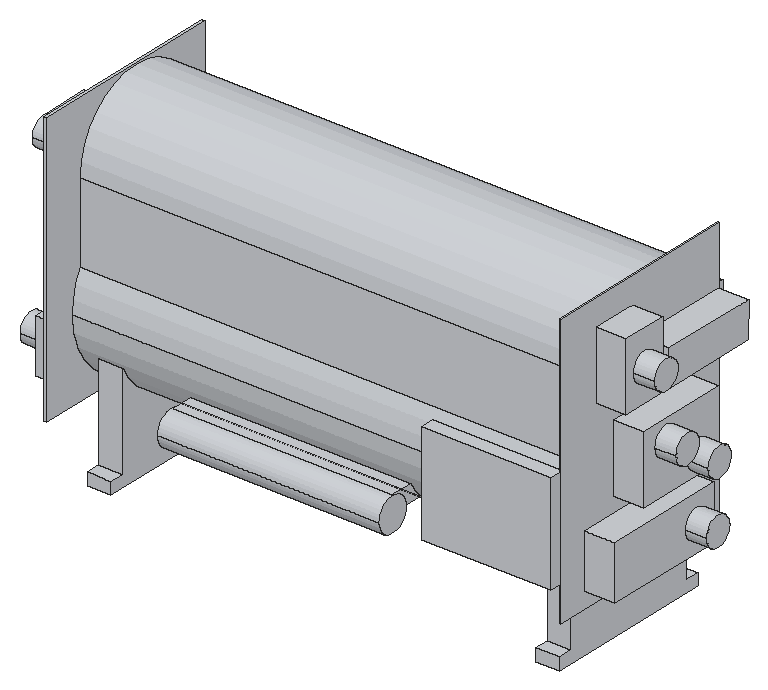
Revit family "884cb475a28b463c9c5d568ecc71ef5b", category Mechanical Equipment, Revit 2021
Family settings
  Round Connector Dimension = Use Radius
  Part Type = Normal
  OmniClass Number = 23.75.10.24.21.21.11
  OmniClass Title = Absorption Water Chillers
  Seek Item ID = Absorption Chiller - Single Stage - 975-1350 Tons-0000-USA-ENU
  Work Plane-Based = No
  Always vertical = Yes
  Cut with Voids When Loaded = No
  Shared = No
  Room Calculation Point = No
Parameters (values of type "975 Tons")
  Voltage = 480 V
  Number of Poles = 3
  Load Classification = Cooling
  Length 1 = 17' - 3"
  Default Elevation = 0' - 0"
  Chilled Water Radius = Chilled Water Diameter / 2  # 6"
  Chilled Water Diameter = 12"
  Chilled Water Flow [instance] = 2387 GPM
  Energy Source Pressure Drop [instance] = 14.08 psi
  Cooliing Water Pressure Drop [instance] = 14.08 psi
  Cooling Water Radius = Cooling Water Diameter / 2  # 6"
  Cooling Water Diameter = 12"
  Cooling Water Flow [instance] = 3510 GPM
  Chiller Material = none
  Chiller Length = 21' - 8"
  Chilled Water Pressure Drop [instance] = 7.90 psi
  Apparent Load = 13000 VA
  Energy Source Radius = Energy Source Diameter / 2  # 6"
  Energy Source Diameter = 12"
  Energy Source Flow [instance] = 3510 GPM
Types (5): name | Length 1 | Chilled Water Flow | Energy Source Pressure Drop | Cooliing Water Pressure Drop | Cooling Water Flow | Chiller Length | Chilled Water Pressure Drop | Apparent Load | Energy Source Flow
  (no name) | 17' - 3" | 2387 GPM | 14.08 psi | 14.08 psi | 3510 GPM | 21' - 8" | 7.90 psi | 13000 VA | 3510 GPM
  975 Tons | 17' - 3" | 2387 GPM | 14.08 psi | 14.08 psi | 3510 GPM | 21' - 8" | 7.90 psi | 13000 VA | 3510 GPM
  1100 Tons | 19' - 3" | 2643 GPM | 8.45 psi | 8.45 psi | 3960 GPM | 23' - 8" | 10.34 psi | 14900 VA | 3960 GPM
  1225 Tons | 21' - 3" | 2960 GPM | 10.80 psi | 10.80 psi | 4410 GPM | 25' - 8" | 13.74 psi | 14900 VA | 4410 GPM
  1350 Tons | 23' - 3" | 3279 GPM | 1.53 psi | 1.53 psi | 4860 GPM | 27' - 8" | 17.74 psi | 14900 VA | 4860 GPM
Reference planes (in)
  plane 1 "Center (Front/Back)": y = 0
  plane 2: z = 0
  plane 3 "Center (Left/Right)": x = 0
  plane 4: x = 9.5
  plane 5: x = 8.75
  plane 6: z = 25.625
  plane 7: y = -11
  plane 8: y = 71.5
  plane 9: z = 139.5
  plane 10: x = 31.375
  plane 11: x = -228.625
  plane 12: x = -206.75
  plane 13: x = -205.625
  plane 14: y = 36
  plane 15: z = 60
  plane 16: y = 6.3125
  plane 17: y = 65.6875
  plane 18: z = 109.5
  plane 19: z = 32.6875
  plane 20: z = 55.3125
  plane 21: y = 52.625
  plane 22: y = 1
  plane 23: x = 22.25
  plane 24: x = -219.5
  plane 25: z = 90.125
  plane 26: z = 61.5
  plane 27: y = 16.125
  plane 28: y = 55.375
  plane 29: z = 115.6875
  plane 30: z = 128.8125
  plane 31: z = 100.5625
  plane 32: y = 16.4375
  plane 33: y = 6.875
  plane 34: y = 26
  plane 35: y = 29.375
  plane 36: y = 70.75
  plane 37: z = 114.5625
  plane 38: z = 81.875
  plane 39: y = 27.625
  plane 40: y = 44.375
  plane 41: z = 69.75
  plane 42: y = 43.5
  plane 43: z = 44
  plane 44: y = 10.125
  plane 45: y = 72
  plane 46: z = 5
  plane 47: y = 6
  plane 48: y = 66
  plane 49: x = -9.875
  plane 50: x = -197.25
  plane 51: x = -187.375
  plane 52: z = 40
  plane 53: z = 82
  plane 54: x = -45.25
  plane 55: y = -15.5
  plane 56: y = -9.4375
  plane 57: x = -13.375
  plane 58: z = 40.5
  plane 59: z = 98.5
  plane 60: z = 114.1875
  plane 61: x = -28.75
  plane 62: x = 5.875
  plane 63: y = 77.875
  plane 64: x = -24.1875
  plane 65: x = -197.5
  plane 66: z = 32.1875
  plane 67: z = 37.1875
  plane 68: x = -29.1875
  plane 69: x = -192.5
  plane 70: y = 73.0625
  plane 71: z = 99.5625
  plane 72: z = 94.5625
  plane 73: y = 68.0625
  plane 74: x = -186.875
  plane 75: x = -164.375
  plane 76: z = 2.5625
  plane 77: z = 36.5625
  plane 78: y = 63.625
  plane 79: z = 36.25
  plane 80: y = -3.125
  plane 81: x = -67.25
  plane 82: x = -159.8125
  plane 83: z = 43.25
  plane 84: x = -159.3125
  plane 85: x = -67.75
  plane 86: x = -18.25
  plane 87: z = 46
Forms (in)
  Extrusion 1, solid, material <- "Chiller Material"
    sketch origin (0, 0, 0) x (0, 1, 0) y (0, 0, 1)
      loop
        line (-11, 139.5) -> (-11, 25.625) -> (71.5, 25.625) -> (71.5, 139.5) -> (-11, 139.5)
    from 8.75 to 9.5
  Extrusion 2, solid, material <- "Chiller Material"
    sketch origin (0, 0, 0) x (0, 1, 0) y (0, 0, 1)
      loop
        line (-11, 139.5) -> (-11, 25.625) -> (71.5, 25.625) -> (71.5, 139.5) -> (-11, 139.5)
    from -206.75 to -205.625
  Extrusion 3, solid, material <- "Chiller Material"
    sketch origin (0, 0, 0) x (0, 1, 0) y (0, 0, 1)
      loop
        circle (36, 60) r 33.71875
    from -205.625 to 8.75
  Extrusion 4, solid, material <- "Chiller Material"
    sketch origin (0, 0, 0) x (0, 1, 0) y (0, 0, 1)
      loop
        arc (65.6875, 109.5) -> (36, 139.1875) -> (6.3125, 109.5) r 29.6875
        line (6.3125, 109.5) -> (6.3125, 60) -> (65.6875, 60) -> (65.6875, 109.5)
    from 8.75 to -205.625
  Extrusion 5, solid, material <- "Chiller Material"
    sketch origin (0, 0, 0) x (0, 1, 0) y (0, 0, 1)
      loop
        line (1, 55.3125) -> (1, 32.6875) -> (52.625, 32.6875) -> (52.625, 55.3125) -> (1, 55.3125)
    from 9.5 to 22.25
  Extrusion 6, solid, material <- "Chiller Material"
    sketch origin (0, 0, 0) x (0, 1, 0) y (0, 0, 1)
      loop
        line (1, 55.3125) -> (1, 32.6875) -> (52.625, 32.6875) -> (52.625, 55.3125) -> (1, 55.3125)
    from -219.5 to -206.75
  Extrusion 7, solid, material <- "Chiller Material"
    sketch origin (0, 0, 0) x (0, 1, 0) y (0, 0, 1)
      loop
        line (16.125, 90.125) -> (16.125, 61.5) -> (55.375, 61.5) -> (55.375, 90.125) -> (16.125, 90.125)
    from 9.5 to 22.25
  Extrusion 8, solid, material <- "Chiller Material"
    sketch origin (0, 0, 0) x (0, 1, 0) y (0, 0, 1)
      loop
        line (16.125, 90.125) -> (16.125, 61.5) -> (55.375, 61.5) -> (55.375, 90.125) -> (16.125, 90.125)
    from -206.75 to -219.5
  Extrusion 9, solid, material <- "Chiller Material"
    sketch origin (0, 0, 0) x (0, 1, 0) y (0, 0, 1)
      loop
        line (6.875, 128.8125) -> (6.875, 100.5625) -> (26, 100.5625) -> (26, 128.8125) -> (6.875, 128.8125)
    from 9.5 to 22.25
  Extrusion 10, solid, material <- "Chiller Material"
    sketch origin (0, 0, 0) x (0, 1, 0) y (0, 0, 1)
      loop
        line (6.875, 128.8125) -> (6.875, 100.5625) -> (26, 100.5625) -> (26, 128.8125) -> (6.875, 128.8125)
    from -219.5 to -206.75
  Extrusion 11, solid, material <- "Chiller Material"
    sketch origin (0, 0, 0) x (0, 1, 0) y (0, 0, 1)
      loop
        line (29.375, 115.6875) -> (29.375, 100.5625) -> (70.75, 100.5625) -> (70.75, 115.6875) -> (29.375, 115.6875)
    from 9.5 to 22.25
  Extrusion 12, solid, material <- "Chiller Material"
    sketch origin (0, 0, 0) x (0, 1, 0) y (0, 0, 1)
      loop
        line (29.375, 115.6875) -> (29.375, 100.5625) -> (70.75, 100.5625) -> (70.75, 115.6875) -> (29.375, 115.6875)
    from -219.5 to -206.75
  Extrusion 13, solid, material <- "Chiller Material"
    sketch origin (0, 0, 0) x (0, 1, 0) y (0, 0, 1)
      loop
        circle (16.4375, 114.5625) r 6
    from 22.25 to 31.375
  Extrusion 14, solid, material <- "Chiller Material"
    sketch origin (0, 0, 0) x (0, 1, 0) y (0, 0, 1)
      loop
        circle (27.625, 81.875) r 6
      loop
        circle (44.375, 69.75) r 6
    from 22.25 to 31.375
  Extrusion 15, solid, material <- "Chiller Material"
    sketch origin (0, 0, 0) x (0, 1, 0) y (0, 0, 1)
      loop
        circle (43.5, 44) r 6
    from 22.25 to 31.375
  Extrusion 16, solid, material <- "Chiller Material"
    sketch origin (0, 0, 0) x (0, 1, 0) y (0, 0, 1)
      loop
        circle (16.4375, 114.5625) r 6
    from -228.625 to -219.5
  Extrusion 17, solid, material <- "Chiller Material"
    sketch origin (0, 0, 0) x (0, 1, 0) y (0, 0, 1)
      loop
        circle (10.125, 44) r 6
    from -228.625 to -219.5
  Extrusion 18, solid, material <- "Chiller Material"
    sketch origin (0, 0, 0) x (0, 1, 0) y (0, 0, 1)
      loop
        line (0, 5) -> (0, 0) -> (72, 0) -> (72, 5) -> (66, 5) -> (66, 60) -> (6, 60) -> (6, 5) -> (0, 5)
    from -9.875 to 0
  Extrusion 19, solid, material <- "Chiller Material"
    sketch origin (0, 0, 0) x (0, 1, 0) y (0, 0, 1)
      loop
        line (0, 5) -> (0, 0) -> (72, 0) -> (72, 5) -> (66, 5) -> (66, 60) -> (6, 60) -> (6, 5) -> (0, 5)
    from -197.25 to -187.375
  Extrusion 20, solid, material <- "Chiller Material"
    sketch origin (0, 0, 0) x (1, 0, 0) y (0, 0, 1)
      loop
        line (-45.25, 82) -> (-45.25, 40) -> (8.75, 40) -> (8.75, 82) -> (-45.25, 82)
    from 9.4375 to 15.5
  Extrusion 21, solid, material <- "Chiller Material"
    sketch origin (0, 0, 0) x (1, 0, 0) y (0, 0, 1)
      loop
        line (-45.25, 40.5) -> (-45.25, 40) -> (-13.375, 40) -> (-13.375, 40.5) -> (-45.25, 40.5)
    from -36 to 9.4375
  Extrusion 22, solid, material <- "Chiller Material"
    sketch origin (0, 0, 0) x (1, 0, 0) y (0, 0, 1)
      loop
        line (5.875, 114.1875) -> (-28.75, 114.1875) -> (-28.75, 98.5) -> (5.875, 98.5) -> (5.875, 114.1875)
    from -77.875 to -36
  Sweep 23, solid, material <- "Chiller Material"
    path in 3D
      loop
        line (-24.1875, 73.0625, 98.5) -> (-24.1875, 73.0625, 37.1875)
        arc (-24.1875, 73.0625, 37.1875) -> (-25.65197, 73.0625, 33.65197) -> (-29.1875, 73.0625, 32.1875) r 5
        line (-29.1875, 73.0625, 32.1875) -> (-192.5, 73.0625, 32.1875)
        arc (-192.5, 73.0625, 32.1875) -> (-196.03553, 73.0625, 33.65197) -> (-197.5, 73.0625, 37.1875) r 5
        line (-197.5, 73.0625, 37.1875) -> (-197.5, 73.0625, 94.5625)
        arc (-197.5, 73.0625, 94.5625) -> (-197.5, 71.59803, 98.09803) -> (-197.5, 68.0625, 99.5625) r 5
        line (-197.5, 68.0625, 99.5625) -> (-197.5, 36, 99.5625)
    profile origin (-197.5, 52.03125, 99.5625) x (0, 0, 1) y (-1, 0, 0)
      loop
        circle (0, 0) r 2
  Extrusion 24, solid, material <- "Chiller Material"
    sketch origin (0, 0, 0) x (1, 0, 0) y (0, 0, 1)
      loop
        line (-164.375, 36.5625) -> (-186.875, 36.5625) -> (-186.875, 2.5625) -> (-164.375, 2.5625) -> (-164.375, 36.5625)
    from -77.875 to -63.625
  Extrusion 25, solid, material <- "Chiller Material"
    sketch origin (0, 0, 0) x (0, 1, 0) y (0, 0, 1)
      loop
        circle (-3.125, 36.25) r 7
    from -159.8125 to -67.25
  Extrusion 26, solid, material <- "Chiller Material"
    sketch origin (0, 0, 0) x (0, 1, 0) y (0, 0, 1)
      loop
        line (36, 43.25) -> (-3.125, 43.25) -> (-3.125, 36.25) -> (36, 36.25) -> (36, 43.25)
    from -159.3125 to -67.75
  Extrusion 27, solid, material <- "Chiller Material"
    sketch origin (0, 0, 0) x (1, 0, 0) y (0, 0, 1)
      loop
        circle (-18.25, 46) r 1.25
    from 9.4375 to 15.5
Cuts and joins
  joined: Extrusion 1, Extrusion 2, Extrusion 3, Extrusion 4, Extrusion 5, Extrusion 6, Extrusion 7, Extrusion 8, Extrusion 9, Extrusion 10, Extrusion 11, Extrusion 12, Extrusion 13, Extrusion 14, Extrusion 15, Extrusion 16, Extrusion 17, Extrusion 18, Extrusion 19, Extrusion 20, Extrusion 21, Extrusion 22, Sweep 23, Extrusion 24, Extrusion 25, Extrusion 26, Extrusion 27
Lines and regions (in)
  reference lines
    curve 1: line (-24.1875, 73.0625, 98.5) -> (-24.1875, 73.0625, 37.1875)
    curve 2: line (-29.1875, 73.0625, 32.1875) -> (-192.5, 73.0625, 32.1875)
    curve 3: line (-197.5, 73.0625, 94.5625) -> (-197.5, 73.0625, 37.1875)
    curve 4: arc (-24.1875, 73.0625, 37.1875) -> (-25.65197, 73.0625, 33.65197) -> (-29.1875, 73.0625, 32.1875) r 5
    curve 5: arc (-192.5, 73.0625, 32.1875) -> (-196.03553, 73.0625, 33.65197) -> (-197.5, 73.0625, 37.1875) r 5
    curve 6: line (-197.5, 68.0625, 99.5625) -> (-197.5, 36, 99.5625)
    curve 7: arc (-197.5, 68.0625, 99.5625) -> (-197.5, 71.59803, 98.09803) -> (-197.5, 73.0625, 94.5625) r 5
  sketch lines
    curve 8: line (-197.5, 68.0625, 99.5625) -> (-197.5, 36, 99.5625)
    curve 9: arc (-197.5, 68.0625, 99.5625) -> (-197.5, 71.59803, 98.09803) -> (-197.5, 73.0625, 94.5625) r 5
    curve 10: line (-197.5, 73.0625, 94.5625) -> (-197.5, 73.0625, 37.1875)
    curve 11: arc (-192.5, 73.0625, 32.1875) -> (-196.03553, 73.0625, 33.65197) -> (-197.5, 73.0625, 37.1875) r 5
    curve 12: line (-29.1875, 73.0625, 32.1875) -> (-192.5, 73.0625, 32.1875)
    curve 13: arc (-24.1875, 73.0625, 37.1875) -> (-25.65197, 73.0625, 33.65197) -> (-29.1875, 73.0625, 32.1875) r 5
    curve 14: line (-24.1875, 73.0625, 98.5) -> (-24.1875, 73.0625, 37.1875)
Dimensions and locks (in)
  locked: plane 4 to plane 3 "Center (Left/Right)" at 9.5
  locked: plane 4 to plane 5 at 0.75
  locked: plane 6 to plane 2 at 25.625
  locked: plane 7 to plane 1 "Center (Front/Back)" at 11
  locked: plane 1 "Center (Front/Back)" to plane 8 at 71.5
  locked: plane 9 to plane 2 at 139.5
  locked: plane 10 to plane 4 at 21.875
  "Chiller Length": plane 10 to plane 11
  locked: plane 12 to plane 11 at 21.875
  locked: plane 13 to plane 12 at 1.125
  locked: plane 1 "Center (Front/Back)" to plane 14 at 36
  locked: plane 15 to plane 2 at 60
  equal spacing: plane 16, plane 14, plane 17
  locked: plane 16 to plane 17 at 59.375
  locked: plane 18 to plane 15 at 49.5
  locked: plane 19 to plane 6 at 7.0625
  locked: plane 20 to plane 19 at 22.625
  locked: plane 1 "Center (Front/Back)" to plane 22 at 1
  locked: plane 22 to plane 21 at 51.625
  locked: plane 10 to plane 23 at 9.125
  locked: plane 24 to plane 11 at 9.125
  locked: plane 25 to plane 2 at 90.125
  locked: plane 25 to plane 26 at 28.625
  locked: plane 1 "Center (Front/Back)" to plane 27 at 16.125
  locked: plane 27 to plane 28 at 39.25
  locked: plane 29 to plane 2 at 115.6875
  locked: plane 9 to plane 30 at 10.6875
  locked: plane 30 to plane 31 at 28.25
  locked: plane 1 "Center (Front/Back)" to plane 32 at 16.4375
  locked: plane 33 to plane 34 at 19.125
  equal spacing: plane 33, plane 32, plane 34
  locked: plane 34 to plane 35 at 3.375
  locked: plane 35 to plane 36 at 41.375
  locked: plane 37 to plane 2 at 114.5625
  locked: plane 38 to plane 2 at 81.875
  locked: plane 1 "Center (Front/Back)" to plane 39 at 27.625
  locked: plane 39 to plane 40 at 16.75
  locked: plane 41 to plane 2 at 69.75
  locked: plane 43 to plane 2 at 44
  locked: plane 1 "Center (Front/Back)" to plane 44 at 10.125
  locked: plane 14 to plane 45 at 36
  locked: plane 46 to plane 2 at 5
  locked: plane 1 "Center (Front/Back)" to plane 47 at 6
  locked: plane 48 to plane 45 at 6
  locked: plane 3 "Center (Left/Right)" to plane 49 at 9.875
  locked: plane 50 to plane 12 at 9.5
  locked: plane 51 to plane 50 at 9.875
  locked: plane 52 to plane 2 at 40
  locked: plane 53 to plane 52 at 42
  locked: plane 5 to plane 54 at 54
  locked: plane 55 to plane 1 "Center (Front/Back)" at 15.5
  locked: plane 55 to plane 56 at 6.0625
  locked: plane 57 to plane 54 at 31.875
  locked: plane 58 to plane 52 at 0.5
  locked: plane 2 to plane 59 at 98.5
  locked: plane 59 to plane 60 at 15.6875
  locked: plane 61 to plane 4 at 38.25
  locked: plane 61 to plane 62 at 34.625
  locked: plane 14 to plane 63 at 41.875
  locked: plane 64 to plane 3 "Center (Left/Right)" at 24.1875
  "Length 1": plane 65 to plane 4
  locked: plane 2 to plane 66 at 32.1875
  locked: plane 66 to plane 67 at 5
  locked: plane 68 to plane 64 at 5
  locked: plane 65 to plane 69 at 5
  locked: plane 14 to plane 70 at 37.0625
  locked: plane 66 to plane 71 at 67.375
  locked: plane 72 to plane 71 at 5
  locked: plane 73 to plane 70 at 5
  locked: plane 42 to plane 21 at 9.125
  locked: plane 3 "Center (Left/Right)" to plane 74 at 186.875
  locked: plane 74 to plane 75 at 22.5
  locked: plane 2 to plane 76 at 2.5625
  locked: plane 76 to plane 77 at 34
  locked: plane 78 to plane 63 at 14.25
  locked: plane 79 to plane 2 at 36.25
  locked: plane 14 to plane 80 at 39.125
  locked: plane 3 "Center (Left/Right)" to plane 81 at 67.25
  locked: plane 81 to plane 82 at 92.5625
  locked: plane 83 to plane 79 at 7
  locked: plane 84 to plane 82 at 0.5
  locked: plane 81 to plane 85 at 0.5
  equal spacing: plane 5, plane 86, plane 54
  locked: plane 87 to plane 52 at 6
  radius of Extrusion 3 sketch curve = 2' - 9 23/32"
  radius of Extrusion 4 sketch curve = 2' - 5 11/16"
  "Cooling Water Radius": radius of Extrusion 13 sketch curve
  "Chilled Water Radius": radius of Extrusion 14 sketch curve  (x2)
  "Energy Source Radius": radius of Extrusion 15 sketch curve
  "Cooling Water Radius": radius of Extrusion 16 sketch curve
  "Energy Source Radius": radius of Extrusion 17 sketch curve
  radius of curve 4 = 0' - 5"
  radius of curve 5 = 0' - 5"
  radius of curve 7 = 0' - 5"
  radius of Sweep 23 sketch curve = 0' - 2"
  radius of Extrusion 25 sketch curve = 0' - 7"
  radius of Extrusion 27 sketch curve = 0' - 1 1/4"
  aligned and locked: plane 7 to Extrusion 1 sketch curve
  aligned and locked: Extrusion 1 sketch curve to plane 9
  aligned and locked: plane 6 to Extrusion 1 sketch curve
  aligned and locked: Extrusion 1 sketch curve to plane 8
  aligned and locked: plane 4 to Extrusion 1
  aligned and locked: Extrusion 1 to plane 5
  aligned and locked: Extrusion 2 sketch curve to plane 9
  aligned and locked: plane 7 to Extrusion 2 sketch curve
  aligned and locked: plane 6 to Extrusion 2 sketch curve
  aligned and locked: Extrusion 2 sketch curve to plane 8
  aligned and locked: Extrusion 2 to plane 12
  aligned and locked: plane 13 to Extrusion 2
  aligned and locked: plane 14 to Extrusion 3 sketch curve
  aligned and locked: plane 15 to Extrusion 3 sketch curve
  aligned and locked: Extrusion 3 to plane 13
  aligned and locked: plane 5 to Extrusion 3
  aligned and locked: plane 18 to Extrusion 4 sketch curve  (x3)
  aligned and locked: plane 15 to Extrusion 4 sketch curve
  aligned and locked: Extrusion 4 sketch curve to plane 17
  aligned and locked: plane 17 to Extrusion 4 sketch curve
  aligned and locked: plane 16 to Extrusion 4 sketch curve
  aligned and locked: Extrusion 4 sketch curve to plane 15
  aligned and locked: plane 5 to Extrusion 4
  aligned and locked: Extrusion 4 to plane 13
  aligned and locked: plane 22 to Extrusion 5 sketch curve
  aligned and locked: Extrusion 5 sketch curve to plane 20
  aligned and locked: plane 19 to Extrusion 5 sketch curve
  aligned and locked: Extrusion 5 sketch curve to plane 21
  aligned and locked: plane 23 to Extrusion 5
  aligned and locked: Extrusion 5 to plane 4
  aligned and locked: plane 22 to Extrusion 6 sketch curve
  aligned and locked: Extrusion 6 sketch curve to plane 20
  aligned and locked: plane 19 to Extrusion 6 sketch curve
  aligned and locked: Extrusion 6 sketch curve to plane 21
  aligned and locked: Extrusion 6 to plane 24
  aligned and locked: plane 12 to Extrusion 6
  aligned and locked: plane 27 to Extrusion 7 sketch curve
  aligned and locked: Extrusion 7 sketch curve to plane 25
  aligned and locked: plane 26 to Extrusion 7 sketch curve
  aligned and locked: Extrusion 7 sketch curve to plane 28
  aligned and locked: plane 23 to Extrusion 7
  aligned and locked: Extrusion 7 to plane 4
  aligned and locked: Extrusion 8 sketch curve to plane 25
  aligned and locked: Extrusion 8 sketch curve to plane 28
  aligned and locked: plane 27 to Extrusion 8 sketch curve
  aligned and locked: plane 26 to Extrusion 8 sketch curve
  aligned and locked: Extrusion 8 to plane 24
  aligned and locked: plane 12 to Extrusion 8
  aligned and locked: plane 33 to Extrusion 9 sketch curve
  aligned and locked: Extrusion 9 sketch curve to plane 30
  aligned and locked: plane 31 to Extrusion 9 sketch curve
  aligned and locked: Extrusion 9 sketch curve to plane 34
  aligned and locked: plane 23 to Extrusion 9
  aligned and locked: Extrusion 9 to plane 4
  aligned and locked: Extrusion 10 sketch curve to plane 30
  aligned and locked: plane 33 to Extrusion 10 sketch curve
  aligned and locked: plane 31 to Extrusion 10 sketch curve
  aligned and locked: Extrusion 10 sketch curve to plane 34
  aligned and locked: Extrusion 10 to plane 24
  aligned and locked: plane 12 to Extrusion 10
  aligned and locked: plane 35 to Extrusion 11 sketch curve
  aligned and locked: Extrusion 11 sketch curve to plane 29
  aligned and locked: plane 31 to Extrusion 11 sketch curve
  aligned and locked: Extrusion 11 sketch curve to plane 36
  aligned and locked: plane 23 to Extrusion 11
  aligned and locked: Extrusion 11 to plane 4
  aligned and locked: Extrusion 12 sketch curve to plane 29
  aligned and locked: plane 35 to Extrusion 12 sketch curve
  aligned and locked: plane 31 to Extrusion 12 sketch curve
  aligned and locked: Extrusion 12 sketch curve to plane 36
  aligned and locked: Extrusion 12 to plane 24
  aligned and locked: plane 12 to Extrusion 12
  aligned and locked: plane 32 to Extrusion 13 sketch curve
  aligned and locked: plane 37 to Extrusion 13 sketch curve
  aligned and locked: plane 10 to Extrusion 13
  aligned and locked: Extrusion 13 to plane 23
  aligned and locked: plane 39 to Extrusion 14 sketch curve
  aligned and locked: plane 38 to Extrusion 14 sketch curve
  aligned and locked: plane 41 to Extrusion 14 sketch curve
  aligned and locked: plane 40 to Extrusion 14 sketch curve
  aligned and locked: plane 10 to Extrusion 14
  aligned and locked: Extrusion 14 to plane 23
  aligned and locked: plane 43 to Extrusion 15 sketch curve
  aligned and locked: plane 42 to Extrusion 15 sketch curve
  aligned and locked: plane 10 to Extrusion 15
  aligned and locked: Extrusion 15 to plane 23
  aligned and locked: plane 32 to Extrusion 16 sketch curve
  aligned and locked: plane 37 to Extrusion 16 sketch curve
  aligned and locked: Extrusion 16 to plane 11
  aligned and locked: plane 24 to Extrusion 16
  aligned and locked: plane 43 to Extrusion 17 sketch curve
  aligned and locked: plane 44 to Extrusion 17 sketch curve
  aligned and locked: Extrusion 17 to plane 11
  aligned and locked: plane 24 to Extrusion 17
  aligned and locked: plane 1 "Center (Front/Back)" to Extrusion 18 sketch curve  (x2)
  aligned and locked: Extrusion 18 sketch curve to plane 46  (x2)
  aligned and locked: plane 46 to Extrusion 18 sketch curve  (x2)
  aligned and locked: plane 47 to Extrusion 18 sketch curve  (x2)
  aligned and locked: plane 45 to Extrusion 18 sketch curve
  aligned and locked: Extrusion 18 sketch curve to plane 2
  aligned and locked: plane 2 to Extrusion 18 sketch curve
  aligned and locked: Extrusion 18 sketch curve to plane 45
  aligned and locked: plane 15 to Extrusion 18 sketch curve
  aligned and locked: Extrusion 18 sketch curve to plane 48
  aligned and locked: Extrusion 18 sketch curve to plane 15
  aligned and locked: Extrusion 18 to plane 49
  aligned and locked: plane 3 "Center (Left/Right)" to Extrusion 18
  aligned and locked: plane 47 to Extrusion 19 sketch curve  (x2)
  aligned and locked: Extrusion 19 sketch curve to plane 46
  aligned and locked: plane 1 "Center (Front/Back)" to Extrusion 19 sketch curve  (x2)
  aligned and locked: plane 46 to Extrusion 19 sketch curve  (x3)
  aligned and locked: plane 15 to Extrusion 19 sketch curve  (x2)
  aligned and locked: plane 45 to Extrusion 19 sketch curve  (x2)
  aligned and locked: Extrusion 19 sketch curve to plane 2
  aligned and locked: plane 2 to Extrusion 19 sketch curve
  aligned and locked: plane 48 to Extrusion 19 sketch curve  (x2)
  aligned and locked: Extrusion 19 to plane 50
  aligned and locked: plane 51 to Extrusion 19
  aligned and locked: Extrusion 20 sketch curve to plane 53
  aligned and locked: plane 54 to Extrusion 20 sketch curve
  aligned and locked: Extrusion 20 sketch curve to plane 5
  aligned and locked: plane 52 to Extrusion 20 sketch curve
  aligned and locked: Extrusion 20 to plane 55
  aligned and locked: plane 56 to Extrusion 20
  aligned and locked: plane 52 to Extrusion 21 sketch curve
  aligned and locked: Extrusion 21 sketch curve to plane 58
  aligned and locked: plane 54 to Extrusion 21 sketch curve
  aligned and locked: Extrusion 21 sketch curve to plane 57
  aligned and locked: Extrusion 21 to plane 56
  aligned and locked: plane 14 to Extrusion 21
  aligned and locked: plane 62 to Extrusion 22 sketch curve
  aligned and locked: plane 60 to Extrusion 22 sketch curve
  aligned and locked: plane 59 to Extrusion 22 sketch curve
  aligned and locked: plane 61 to Extrusion 22 sketch curve
  aligned and locked: plane 63 to Extrusion 22
  aligned and locked: Extrusion 22 to plane 14
  aligned and locked: plane 72 to curve 3
  aligned and locked: plane 67 to curve 3
  aligned and locked: curve 3 to plane 65
  aligned and locked: plane 69 to curve 2
  aligned and locked: plane 68 to curve 2
  aligned and locked: curve 2 to plane 66
  aligned and locked: plane 59 to curve 1
  aligned and locked: plane 67 to curve 1
  aligned and locked: curve 1 to plane 64
  aligned and locked: plane 68 to curve 4
  aligned and locked: plane 67 to curve 5
  aligned and locked: plane 69 to curve 5
  aligned and locked: plane 14 to curve 6
  aligned and locked: plane 73 to curve 6
  aligned and locked: plane 72 to curve 7
  aligned and locked: plane 73 to curve 7
  aligned and locked: plane 65 to Sweep 23 sketch curve
  aligned and locked: plane 71 to Sweep 23 sketch curve
  aligned and locked: plane 75 to Extrusion 24 sketch curve
  aligned and locked: plane 77 to Extrusion 24 sketch curve
  aligned and locked: plane 76 to Extrusion 24 sketch curve
  aligned and locked: plane 74 to Extrusion 24 sketch curve
  aligned and locked: Extrusion 24 to plane 63
  aligned and locked: Extrusion 24 to plane 78
  aligned and locked: plane 79 to Extrusion 25 sketch curve
  aligned and locked: plane 80 to Extrusion 25 sketch curve
  aligned and locked: Extrusion 25 to plane 82
  aligned and locked: plane 81 to Extrusion 25
  aligned and locked: Extrusion 26 sketch curve to plane 83
  aligned and locked: Extrusion 26 sketch curve to plane 14
  aligned and locked: Extrusion 26 sketch curve to plane 80
  aligned and locked: plane 79 to Extrusion 26 sketch curve
  aligned and locked: plane 85 to Extrusion 26
  aligned and locked: Extrusion 26 to plane 84
  aligned and locked: Extrusion 27 to plane 55
  aligned and locked: plane 56 to Extrusion 27
Automatic sketch dimensions
  Extrusion 27 sketch curve to plane 86 = 0' - 0"
  Extrusion 27 sketch curve to plane 87 = 0' - 0"
Connectors (in)
  piping at (31.375, 44.375, 69.75), diameter 12, driven by "Chilled Water Flow", driven by "Chilled Water Radius", driven by "Chilled Water Pressure Drop"
    settings: on cut or joined group 1 (Extrusion 1, Extrusion 2, Extrusion 3, Extrusion 4, Extrusion 5, Extrusion 6, Extrusion 7, Extrusion 8, Extrusion 9, Extrusion 10, Extrusion 11, Extrusion 12, Extrusion 13, Extrusion 14, Extrusion 15, Extrusion 16, Extrusion 17, Extrusion 18, Extrusion 19, Extrusion 20, Extrusion 21, Extrusion 22, Sweep 23, Extrusion 24, Extrusion 25, Extrusion 26, Extrusion 27), index 1, connector inside diameter 12", connector length 0' - 0", flow factor 0, pipe flow 2387 GPM, pressure drop 7.90 psi, fitting loss kfactor 0, connector angle 0.00°, fixture units 0, engagement length 0' - 0", angle of deflection 0.00°, flow configuration 1, flow direction 2, fitting loss method 4, system type 7, joint type 0, gender type 0, connector reference index 2, connector utility 0, adjustable connector no, is connector primary yes, connector description "Chilled Water Out"
  piping at (31.375, 27.625, 81.875), diameter 12, driven by "Chilled Water Flow", driven by "Chilled Water Radius"
    settings: on cut or joined group 1, index 2, connector inside diameter 12", connector length 0' - 0", flow factor 0, pipe flow 2387 GPM, pressure drop 0.00 psi, fitting loss kfactor 0, connector angle 0.00°, fixture units 0, engagement length 0' - 0", angle of deflection 0.00°, flow configuration 0, flow direction 1, fitting loss method 4, system type 8, joint type 0, gender type 0, connector reference index 1, connector utility 0, adjustable connector no, is connector primary no, connector description "Chilled Water In"
  piping at (31.375, 16.4375, 114.5625), diameter 12, driven by "Cooling Water Flow", driven by "Cooling Water Radius", driven by "Cooliing Water Pressure Drop"
    settings: on cut or joined group 1, index 3, connector inside diameter 12", connector length 0' - 0", flow factor 0, pipe flow 3510 GPM, pressure drop 14.08 psi, fitting loss kfactor 0, connector angle 0.00°, fixture units 0, engagement length 0' - 0", angle of deflection 0.00°, flow configuration 1, flow direction 2, fitting loss method 4, system type 8, joint type 0, gender type 0, connector reference index 4, connector utility 0, adjustable connector no, is connector primary no, connector description "Cooling Water Out"
  piping at (-228.625, 16.4375, 114.5625), diameter 12, driven by "Cooling Water Flow", driven by "Cooling Water Radius"
    settings: on cut or joined group 1, index 4, connector inside diameter 12", connector length 0' - 0", flow factor 0, pipe flow 3510 GPM, pressure drop 0.00 psi, fitting loss kfactor 0, connector angle 0.00°, fixture units 0, engagement length 0' - 0", angle of deflection 0.00°, flow configuration 1, flow direction 1, fitting loss method 4, system type 7, joint type 0, gender type 0, connector reference index 3, connector utility 0, adjustable connector no, is connector primary no, connector description "Cooling Water In"
  piping at (31.375, 43.5, 44), diameter 12, driven by "Energy Source Flow", driven by "Energy Source Radius", driven by "Energy Source Pressure Drop"
    settings: on cut or joined group 1, index 5, connector inside diameter 12", connector length 0' - 0", flow factor 0, pipe flow 3510 GPM, pressure drop 14.08 psi, fitting loss kfactor 0, connector angle 0.00°, fixture units 0, engagement length 0' - 0", angle of deflection 0.00°, flow configuration 1, flow direction 2, fitting loss method 4, system type 8, joint type 0, gender type 0, connector reference index 6, connector utility 0, adjustable connector no, is connector primary no, connector description "Hot Water Out"
  piping at (-228.625, 10.125, 44), diameter 12, driven by "Energy Source Flow", driven by "Energy Source Radius"
    settings: on cut or joined group 1, index 6, connector inside diameter 12", connector length 0' - 0", flow factor 0, pipe flow 3510 GPM, pressure drop 0.00 psi, fitting loss kfactor 0, connector angle 0.00°, fixture units 0, engagement length 0' - 0", angle of deflection 0.00°, flow configuration 1, flow direction 1, fitting loss method 4, system type 7, joint type 0, gender type 0, connector reference index 5, connector utility 0, adjustable connector no, is connector primary no, connector description "Hot Water In"
  electrical at (-18.25, -9.4375, 46), driven by "Apparent Load", driven by "Voltage", driven by "Number of Poles", driven by "Load Classification"
    settings: on Extrusion 27, index 7, voltage 480 V, apparent load 13000 VA, apparent load phase1 0 VA, apparent load phase2 0 VA, apparent load phase3 0 VA, power factor 0.8, load classification "Cooling", number of poles 3, system type 30, power factor state 1, is connector primary yes, connector utility no, sub classification motor no, connector description ""
